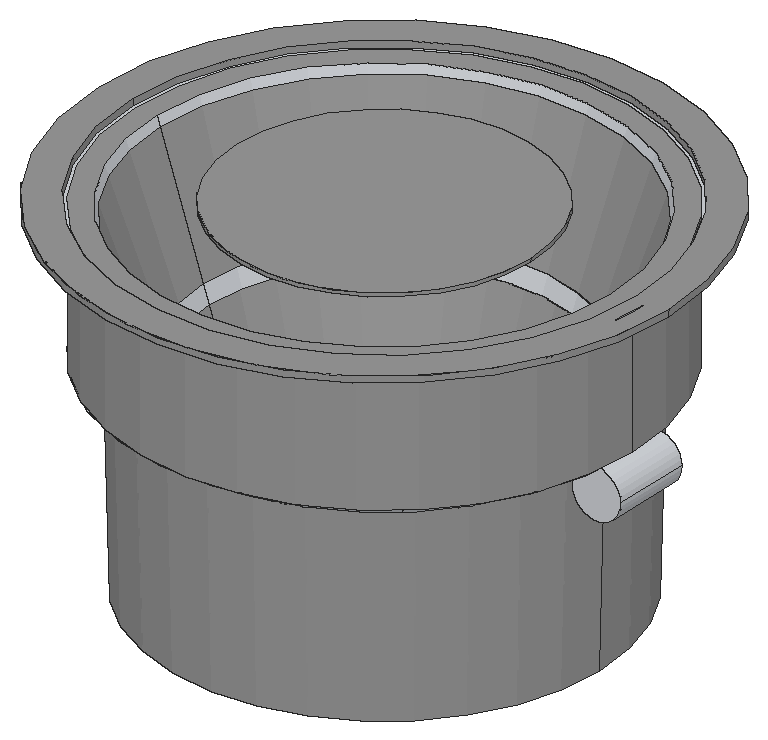
Revit family "2070240", category Lighting Fixtures, host Face, Revit 2018
Family settings
  Host = Face
  Round Connector Dimension = Use Diameter
  Part Type = Normal
  OmniClass Number = 23.80.70.00
  OmniClass Title = Lighting
  Cut with Voids When Loaded = No
  Light Source = Yes
  Shared = No
  Room Calculation Point = No
Parameters (values of type "2070240 SOLST 150 2000LM 940  SSC SB")
  Weight = "n/a"
  Wattage Comments = ""
  Wattage = 9.2903 W
  WarrantyStartDate [instance] = "n/a"
  WarrantyGuarantorParts = "n/a"
  WarrantyDurationUnit = "n/a"
  WarrantyDurationParts = ""
  WarrantyDescription = "http://www.sylvania-lighting.com"
  built-in parameter 1150110 = 1 (stored number, unit not read)
  Voltage = 0 V
  URL = "0.96"
  TypeName = "Solstice 150 2000lm 940  SSC SB"
  Type Image = <None>
  Type Comments = "n/a"
  built-in parameter 1114217 = 1 (stored number, unit not read)
  Tilt Angle = -90.00°
  built-in parameter 1150109 = 1 (stored number, unit not read)
  built-in parameter 1150134 = 3
  built-in parameter 1150113 = 1 (stored number, unit not read)
  SerialNumber [instance] = "n/a"
  Photometric Web File = "2070240.IES"
  Material_3_SYL = none
  PowerFactor = 0
  PowerConsumption = "Lighting"
  NominalLength = 165 mm
  NominalHeight = 45 mm
  NominalDepth = 165 mm
  Name = "Solstice 150 2000lm 940  SSC SB"
  ModelReference = Name  # "Solstice 150 2000lm 940  SSC SB"
  ModelNumber = "2070240"
  Model = Name  # "Solstice 150 2000lm 940  SSC SB"
  Material = "Feilo Sylvania"
  ManufacturerName = "133 lm/W"
  Manufacturer = ""
  LuminousEfficacy = ""
  built-in parameter 1150105 = 109.82 (stored number, unit not read)
  Lumens = 1380 lm
  LuminaireType = "0"
  built-in parameter 1150115 = 1 (stored number, unit not read)
  LightOutputRatio = "LED"
  built-in parameter 1150137 = (empty or 0)
  built-in parameter 1150139 = (empty or 0)
  LampsType = Lamp  # "n/a"
  LampNominalLuminous = "4000 K"
  LampMacAdamStep = "90"
  LampColourTemperature = "LED"
  LampColourRenderingIndex = "16500"
  built-in parameter 1150112 = 1 (stored number, unit not read)
  built-in parameter 1150114 = 1 (stored number, unit not read)
  Lamp = "n/a"
  Keynote = "n/a"
  InstallationDate [instance] = "n/a"
  InputVoltage = "0"
  InputNominalFrequency = "4000"
  built-in parameter 1150132 = (empty or 0)
  built-in parameter 1150102 = (empty or 0)
  built-in parameter 1150107 = 3200 (stored number, unit not read)
  built-in parameter 1150138 = (empty or 0)
  IngressProtection = "IfcLightFixtureType"
  ImpactProtectionIndex = "IfcLightFixtureType"
  built-in parameter 1150106 = 1.0982 (stored number, unit not read)
  IfcExportType = "IfcLightFixtureType"
  IfcExportAs = "Class II"
  Emit from Circle Diameter = 609.6 mm
  Emit Shape Visible in Rendering = no
  ElectricShockClassification = "133"
  built-in parameter 1150104 = 13.8 (stored number, unit not read)
  DocumentationLiterature = "http://www.sylvania-lighting.com/product/en-int/products/2070240"
  DimmingControlOptions = "n/a"
  Material_2_SYL = none
  Dimming Lamp Color Temperature Shift = <None>
  Description = "The Solstice 150 2000lm 940  SSC SBis a high efficient SSC SBdimmable downlight luminaire, Colour rendering index Ra>90, Colour temperature: 4000K Neutral White, Class II, Protection rating IP40/IP20, Cut out dimensions: 200mm."
  Default Elevation = 1219.2 mm
  CreatedOn = "03/08/2023"
  CreatedBy = "@sylvania-lighting.com"
  Cost = 0
  Color Filter = 16777215
  built-in parameter 1114216 [instance] = (empty or 0)
  ClassificationValue = "EF_70_80"
  ClassificationName = "Uniclass2015"
  Material_1_SYL = none
  BarCode [instance] = "n/a"
  built-in parameter 1114218 = 1 (stored number, unit not read)
  built-in parameter 1150133 = 10 (stored number, unit not read)
  AssetType = "Fixed"
  AssetIdentifier [instance] = "n/a"
  Assembly Code = "D5020200"
  Apparent Load = 15 VA
  Material_4_SYL = none
Reference planes
  plane 1 "Center (Front/Back)": y = 0
  plane 2: z = 0
  plane 3 "Center (Left/Right)": x = 0
  plane 4: x = -82.5
  plane 5: x = 82.5
  plane 6: y = 82.5
  plane 7: y = -82.5
  plane 8: y = 75
  plane 9: y = -75
  plane 10: y = 73
  plane 11: y = -73
  plane 12: x = 73
  plane 13: x = 75
  plane 14: x = 66
  plane 15: z = 3.8
  plane 16: x = -66.957
  plane 17: x = -66
  plane 18: z = -43.942
  plane 19: x = 66.001
  plane 20: x = 64.013
  plane 21: x = -64
  plane 22: z = -45.791
  plane 23: x = 69.732
Forms (mm)
  Extrusion 1, void
    sketch origin (0, 0, 0) x (1, 0, 0) y (0, 1, 0)
      loop
        circle (0, 0) r 75
    from -93.856 to 21.107
  Blend 2, solid, material "Aluminum"
    base sketch origin (0, 0, 0) x (1, 0, 0) y (0, 1, 0)
      loop
        circle (0, 0) r 82.5
    top sketch origin (0, 0, 0) x (1, 0, 0) y (0, 1, 0)
      loop
        circle (0, 0) r 82.5
    from 0 to 1.8
  Extrusion 3, void
    sketch origin (0, 0, 0) x (1, 0, 0) y (0, 1, 0)
      loop
        circle (0, 0) r 73
    from 0 to 1.8
  Blend 4, solid, material "Aluminum"
    base sketch origin (0, 0, 0) x (1, 0, 0) y (0, 1, 0)
      loop
        circle (0, 0) r 72
    top sketch origin (0, 0, 0) x (1, 0, 0) y (0, 1, 0)
      loop
        circle (0, 0) r 72
    from -38.989 to 0
  Blend 5, solid
    base sketch origin (0, 0, 0) x (1, 0, 0) y (0, 1, 0)
      loop
        circle (0, 0) r 75
    top sketch origin (0, 0, 0) x (1, 0, 0) y (0, 1, 0)
      loop
        circle (0, 0) r 72
    from 0 to -2.5
  Blend 6, solid
    base sketch origin (0, 0, 0) x (1, 0, 0) y (0, 1, 0)
      loop
        circle (0, 0) r 64
    top sketch origin (0, 0, 0) x (1, 0, 0) y (0, 1, 0)
      loop
        circle (0, 0) r 72
    from -43.942 to -38.989
  Blend 7, solid, material "Aluminum"
    base sketch origin (0, 0, 0) x (1, 0, 0) y (0, 1, 0)
      loop
        circle (0, 0) r 62.5
    top sketch origin (0, 0, 0) x (1, 0, 0) y (0, 1, 0)
      loop
        circle (0, 0) r 64
    from -98.977 to -43.942
  Blend 8, void
    base sketch origin (0, 1219.2, 38) x (1, 0, 0) y (0, 1, 0)
      loop
        circle (0, -1219.2) r 66.5
    top sketch origin (0, 1219.2, 38) x (1, 0, 0) y (0, 1, 0)
      loop
        circle (0, -1219.2) r 42.5
    from -36.2 to -106.2
  Extrusion 9, solid, material "Glass, White, High Luminance", detail levels fine
    sketch origin (0, 0, 0) x (1, 0, 0) y (0, 1, 0)
      loop
        circle (0, 0) r 42.5
    from 0 to 1
  Extrusion 10, solid
    sketch origin (0, 0, 0) x (1, 0, 0) y (0, 0, 1)
      loop
        circle (70.068, -45.791) r 7
    from -11.421 to 10.579
Cuts and joins
  Extrusion 3 cuts Blend 2
  Blend 8 cuts Blend 5
  Extrusion 3, Blend 8 cuts Blend 4
  Blend 8 cuts Blend 6
  Blend 8 cuts Blend 7
Dimensions and locks
  "NominalLength": plane 4 to plane 5
  equal spacing: plane 4, plane 3 "Center (Left/Right)", plane 5
  "NominalDepth": plane 6 to plane 7
  equal spacing: plane 6, plane 1 "Center (Front/Back)", plane 7
  aligned and locked: plane 2 to host face
  aligned and locked: level to host face
Automatic sketch dimensions
  host sketch curve to host sketch curve = 2438.4 mm  (x2)
  plane 1 "Center (Front/Back)" to Extrusion 1 sketch curve = 0 mm
  Extrusion 1 sketch curve to plane 3 "Center (Left/Right)" = 0 mm
  plane 1 "Center (Front/Back)" to Blend 2 sketch curve = 0 mm  (x2)
  Blend 2 sketch curve to plane 3 "Center (Left/Right)" = 0 mm  (x2)
  plane 1 "Center (Front/Back)" to Extrusion 3 sketch curve = 0 mm
  Extrusion 3 sketch curve to plane 3 "Center (Left/Right)" = 0 mm
  plane 1 "Center (Front/Back)" to Blend 4 sketch curve = 0 mm  (x2)
  Blend 4 sketch curve to plane 3 "Center (Left/Right)" = 0 mm  (x2)
  plane 1 "Center (Front/Back)" to Blend 5 sketch curve = 0 mm  (x2)
  Blend 5 sketch curve to plane 3 "Center (Left/Right)" = 0 mm  (x2)
  plane 1 "Center (Front/Back)" to Blend 6 sketch curve = 0 mm  (x2)
  Blend 6 sketch curve to plane 3 "Center (Left/Right)" = 0 mm  (x2)
  plane 1 "Center (Front/Back)" to Blend 7 sketch curve = 0 mm  (x2)
  Blend 7 sketch curve to plane 3 "Center (Left/Right)" = 0 mm  (x2)
  plane 1 "Center (Front/Back)" to Blend 8 sketch curve = 0 mm  (x2)
  Blend 8 sketch curve to plane 3 "Center (Left/Right)" = 0 mm  (x2)
  plane 1 "Center (Front/Back)" to Extrusion 9 sketch curve = 0 mm
  Extrusion 9 sketch curve to plane 3 "Center (Left/Right)" = 0 mm
  plane 12 to Extrusion 10 sketch curve = 2.932 mm
  Extrusion 10 sketch curve to plane 18 = 1.849 mm
  radius of Extrusion 1 sketch curve = 75 mm
  radius of Blend 2 sketch curve = 82.5 mm  (x2)
  radius of Extrusion 3 sketch curve = 73 mm
  radius of Blend 4 sketch curve = 72 mm  (x2)
  radius of Blend 5 sketch curve = 75 mm
  radius of Blend 5 sketch curve = 72 mm
  radius of Blend 6 sketch curve = 64 mm
  radius of Blend 6 sketch curve = 72 mm
  radius of Blend 7 sketch curve = 62.5 mm
  radius of Blend 7 sketch curve = 64 mm
  radius of Blend 8 sketch curve = 66.5 mm
  radius of Blend 8 sketch curve = 42.5 mm
  radius of Extrusion 9 sketch curve = 42.5 mm
  radius of Extrusion 10 sketch curve = 7 mm
Connectors
  electrical at (0, 0, 0), driven by "Apparent Load", driven by "PowerFactor", driven by "Voltage"
    settings: index 1, voltage 0 V, apparent load 15 VA, apparent load phase1 0 VA, apparent load phase2 0 VA, apparent load phase3 0 VA, power factor 0, load classification "Lighting", number of poles 1, system type 30, power factor state 1, is connector primary yes, connector utility no, sub classification motor no, connector description ""
